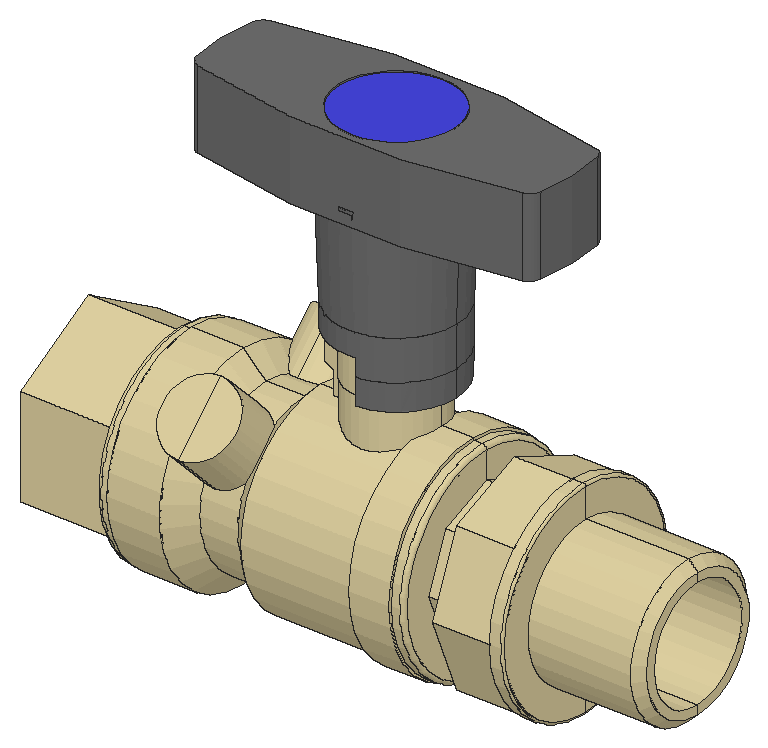
Revit family "QD25500000", category Apparecchi idraulici, Revit 2020
Family settings
  Quota connettore circolare = Usa diametro
  Tipo di parte = Normale
  Numero OmniClass = 23.45.00.00
  Titolo OmniClass = Sanitary, Laundry, and Cleaning Equipment
  Basato su piano di lavoro = No
  Sempre verticale = Sì
  Taglio con vuoti quando caricato = No
  Condiviso = No
  Punto di calcolo locali = No
Parameters
  URL = "https://web.cimberio.it/index.php/figura/1120?subcategoria_id=43096"
  Temperatura di esercizio = "-20 ÷ 90°C"
  Prospetto di default = 0 mm
  Produttore = "CIMBERIO SPA"
  Pressione nominale = "PN 32"
  Modello = "Cim A250"
  Materiale = "Prodotto in lega di ottone conforme alla norma EN 12165-CW617N-DW"
  Descrizione = "Utilizzato nei più svariati settori dell'impiantistica: impianti di riscaldamento, condizionamento, idrici, igienico-sanitari, aria compressa e in generale con ogni fluido non corrosivo"
  DN Model [instance] = QD25502154 : QD25502154
  DN [instance] = 25 mm
  Commenti sul tipo = "Realizzato in ottemperanza ai requisiti gestionali della norma EN ISO 9001.\r\nCollaudato al 100% secondo la normativa EN 12266-1"
Reference planes
  plane 1 "Centro (Fronte/Retro)": y = 0
  plane 2: z = 0
  plane 3 "Centro (Sinistra/Destra)": x = 0
Dimensions and locks
  aligned and locked: level to plane 2
Nested families
  nested 1: "QD25502154" at (0, 0, 0), type <- "DN Model", type "QD25502154"
  nested 2: "QD25502154" at (0, 0, 0), type <- "DN Model", type "QD25502154"
Connectors
  piping at (68.5, 0, 0), diameter 25, driven by "DN"
    settings: on nested 1, index 1, connector inside diameter 609.6 mm, connector length 0 mm, flow factor 0, pipe flow 0.0 L/s, pressure drop 0.0 Pa, fitting loss kfactor 0, connector angle 0.00°, fixture units 0, engagement length 0 mm, angle of deflection 0.00°, flow configuration 0, flow direction 0, fitting loss method 0, system type 7, joint type 0, gender type 0, connector reference index -1, connector utility 0, adjustable connector no, is connector primary yes, connector description ""
  piping at (-70, 0, 0), diameter 25, driven by "DN"
    settings: on nested 1, index 2, connector inside diameter 609.6 mm, connector length 0 mm, flow factor 0, pipe flow 0.0 L/s, pressure drop 0.0 Pa, fitting loss kfactor 0, connector angle 0.00°, fixture units 0, engagement length 0 mm, angle of deflection 0.00°, flow configuration 0, flow direction 0, fitting loss method 0, system type 7, joint type 0, gender type 0, connector reference index -1, connector utility 0, adjustable connector no, is connector primary no, connector description ""
Definition of nested family "QD25502154"
  Parameters (values of type "QD25502154")
    Default Elevation = 0 mm
  Reference planes
    plane 1 "Centro (Fronte/Retro)": y = 0
    plane 2: z = 0
    plane 3 "Centro (Sinistra/Destra)": x = 0
  Forms (mm)
    Extrusion 1, solid
      sketch origin (0, 0, 28.55) x (1, 0, 0) y (0, 1, 0)
        loop
          circle (0, 0) r 10.25
        loop
          circle (0, 0) r 6.348
      from -20.832 to 15.409
    Extrusion 2, solid
      sketch origin (-1.996, 0, 4.955) x (1, 0, 0) y (0, 0, 1)
        loop
          line (-13, 30.345) -> (-13, 24.043) -> (-11, 22.888) -> (-11, 9.005) -> (-5.604, 9.005) -> (-5.604, 30.345) -> (-13, 30.345)
      from 0 to 1.497
    Extrusion 3, void
      sketch origin (0, 0, 58.3) x (-1, 0, 0) y (0, 1, 0)
        loop
          line (14.025, 0) -> (10.467, 0)
          arc (10.467, 0) -> (6.812, -7.947) -> (-1.6, -10.344) r 10.467
          line (-1.6, -10.344) -> (-1.6, -13.934)
          arc (-1.6, -13.934) -> (9.334, -10.468) -> (14.025, 0) r 14.025
      from 17.5 to 31.018
    Extrusion 4, solid
      sketch origin (-16, 0, 0) x (0, 0, 1) y (0, 1, 0)
        loop
          circle (0, 0) r 12.5
        loop
          line (-22.4, 0) -> (-11.2, -19.399) -> (11.2, -19.399) -> (22.4, 0) -> (11.2, 19.399) -> (-11.2, 19.399) -> (-22.4, 0)
      from 33.1 to 54
    Extrusion 5, solid
      sketch origin (16, 0, 0) x (0, 0, 1) y (0, -1, 0)
        loop
          circle (0, 0) r 12.5
        loop
          line (23.5, 0) -> (16.617, 16.617) -> (0, 23.5) -> (-16.617, 16.617) -> (-23.5, 0) -> (-16.617, -16.617) -> (0, -23.5) -> (16.617, -16.617) -> (23.5, 0)
      from 11 to 24
    Revolve 6, solid
      sketch origin (0, 0, 0) x (1, 0, 0) y (0, 0, 1)
        loop
          line (13.75, 45.8) -> (14.618, 70.8) -> (0, 70.8) -> (0, 30.8) -> (13.657, 30.8) -> (13.75, 36.8) -> (13.75, 45.8)
        axis (0, 70.8) -> (0, 30.8)
      angle from 0 to 360
    Extrusion 7, solid
      sketch origin (0, 0, 58.3) x (0, 1, 0) y (-1, 0, 0)
        loop
          arc (10.36, -37.106) -> (15.012, -0.127) -> (10.36, 36.852) r 149.308
          arc (10.36, 36.852) -> (9.524, 38.282) -> (8.058, 39.051) r 3.006
          arc (8.058, 39.051) -> (-0.01, 39.878) -> (-8.078, 39.051) r 39.772
          arc (-8.078, 39.051) -> (-9.544, 38.282) -> (-10.38, 36.852) r 3.006
          arc (-10.38, 36.852) -> (-15.032, -0.127) -> (-10.38, -37.106) r 149.308
          arc (-10.38, -37.106) -> (-9.544, -38.535) -> (-8.078, -39.305) r 3.006
          arc (-8.078, -39.305) -> (-0.01, -40.131) -> (8.058, -39.305) r 39.772
          arc (8.058, -39.305) -> (9.524, -38.535) -> (10.36, -37.106) r 3.006
        loop
          circle (0, 0) r 13
      from 9.213 to 27
    Extrusion 8, solid
      sketch origin (0, 0, 58.3) x (0, 1, 0) y (-1, 0, 0)
        loop
          circle (0, 0) r 13
      from 26.499 to 26.909
    Revolve 9, solid
      sketch origin (0, 0, 0) x (1, 0, 0) y (0, 0, 1)
        loop
          line (17.5, -12.5) -> (-46.6, -12.5) -> (-46.6, -24) -> (-34.6, -24) -> (-29.6, -19) -> (-20.85, -19) -> (-17.1, -22.75) -> (8.4, -22.75) -> (8.4, -24) -> (17.5, -24) -> (17.5, -12.5)
        axis (-46.6, 0) -> (17.5, 0)
      angle from 0 to 360
    Revolve 10, solid
      sketch origin (0, 0, 0) x (1, 0, 0) y (0, 0, 1)
        loop
          line (-46.6, 23.75) -> (-48.1, 23.75)
          arc (-48.1, 23.75) -> (-48.807, 23.457) -> (-49.1, 22.75) r 1
          line (-49.1, 22.75) -> (-49.1, 12.5) -> (-46.6, 12.5) -> (-46.6, 23.75)
        axis (-49.1, 0) -> (-46.6, 0)
      angle from 0 to 360
    Revolve 11, solid
      sketch origin (0, 0, 0) x (1, 0, 0) y (0, 0, 1)
        loop
          line (17.5, 23.5) -> (17.5, 12.5) -> (20.5, 12.5) -> (20.5, 22.5)
          arc (20.5, 22.5) -> (20.207, 23.207) -> (19.5, 23.5) r 1
          line (19.5, 23.5) -> (17.5, 23.5)
        axis (17.5, 0) -> (20.5, 0)
      angle from 0 to 360
    Extrusion 12, solid
      sketch origin (0, 0, 0) x (0, 1, 0) y (0, 0, 1)
        loop
          circle (0, 0) r 12.5
        loop
          line (0, 16.6) -> (-11.738, 11.738) -> (-16.6, 0) -> (-11.738, -11.738) -> (0, -16.6) -> (11.738, -11.738) -> (16.6, 0) -> (11.738, 11.738) -> (0, 16.6)
      from 19.5 to 27
    Revolve 13, solid
      sketch origin (0, 0, 0) x (1, 0, 0) y (0, 0, 1)
        loop
          line (40, 23.5) -> (40, 12.5) -> (43, 12.5) -> (43, 22.979)
          arc (43, 22.979) -> (42.847, 23.347) -> (42.479, 23.5) r 0.521
          line (42.479, 23.5) -> (40, 23.5)
        axis (40, 0) -> (43, 0)
      angle from 0 to 360
    Revolve 14, solid
      sketch origin (0, 0, 0) x (1, 0, 0) y (0, 0, 1)
        loop
          line (43, 12.5) -> (68.5, 12.5) -> (68.5, 14.5) -> (66.5, 16.5) -> (43, 16.5) -> (43, 12.5)
        axis (43, 0) -> (68.5, 0)
      angle from 0 to 360
    Revolve 15, solid
      sketch origin (-27.189, 0, 0) x (0, 0, 1) y (0, 1, 0)
        loop
          line (21.905, -21.905) -> (27.915, -15.894) -> (16.196, -4.175) -> (10.186, -10.186) -> (21.905, -21.905)
        axis (10.186, -10.186) -> (21.905, -21.905)
      angle from 0 to 360
    Revolve 16, solid
      sketch origin (-27.189, 0, 0) x (0, 0, 1) y (0, 1, 0)
        loop
          line (21.88, 21.88) -> (10.186, 10.186) -> (16.196, 4.175) -> (27.891, 15.87) -> (21.88, 21.88)
        axis (10.186, 10.186) -> (21.88, 21.88)
      angle from 0 to 360
  Cuts and joins
    joined: Extrusion 1, Extrusion 2
    Extrusion 3 cuts Revolve 6
  Dimensions and locks
    aligned and locked: level to plane 2
